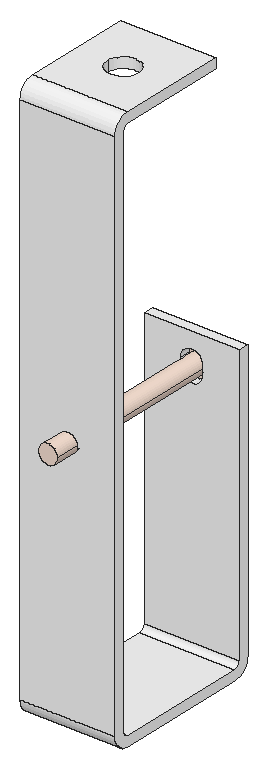
Revit family "lghanger_c75x45x15_innner", category 機械設備, Revit 2022
Family settings
  丸型コネクタ寸法 = 直径を使用
  種別 = なし
  パーツ タイプ = 標準
  作業面ベース = いいえ
  常に垂直 = はい
  ロード時にボイドで切り取り = いいえ
  注釈の向きを維持 = いいえ
  共有 = いいえ
  部屋計算ポイント = いいえ
Parameters
  製造元 = "株式会社桐井製作所"
  既定の高さ = 0 mm
  URL = "https://www.kirii.co.jp/"
  K_材質 = "SGHC　一般用"
  K_品名 = "75×45×15LGハンガー(内折れ)"
  K_名称 = "その他ハンガー"
  K_入数 = "100"
  K_バージョン情報 = "20211012"
  K_めっき付着量 = "Z12"
  K_JIS規格 = "JIS G 3302"
Reference planes
  plane 1 "中心(正面/背面)": y = 0
  plane 2: z = 0
  plane 3 "中心(左/右)": x = 0
  plane 4: x = 15
  plane 5: x = -15
Forms (mm)
  Extrusion 1, solid
    sketch origin (0, 0, 0) x (0, 1, 0) y (0, 0, 1)
      loop
        line (0, 1.8) -> (0, 171.8)
        arc (0, 171.8) -> (0.527, 173.073) -> (1.8, 173.6) r 1.8
        line (1.8, 173.6) -> (36.8, 173.6) -> (36.8, 176.8) -> (1.8, 176.8)
        arc (1.8, 176.8) -> (-1.736, 175.336) -> (-3.2, 171.8) r 5
        line (-3.2, 171.8) -> (-3.2, 1.8)
        arc (-3.2, 1.8) -> (-1.736, -1.736) -> (1.8, -3.2) r 5
        line (1.8, -3.2) -> (44.2, -3.2)
        arc (44.2, -3.2) -> (47.736, -1.736) -> (49.2, 1.8) r 5
        line (49.2, 1.8) -> (49.2, 89.8) -> (46, 89.8) -> (46, 1.8)
        arc (46, 1.8) -> (45.473, 0.527) -> (44.2, 0) r 1.8
        line (44.2, 0) -> (1.8, 0)
        arc (1.8, 0) -> (0.527, 0.527) -> (0, 1.8) r 1.8
    from -15 to 15
  Extrusion 2, void
    sketch origin (0, 0, 0) x (1, 0, 0) y (0, 0, 1)
      loop
        circle (0, 79.96) r 3
    from 0 to 3.2
  Extrusion 3, void
    sketch origin (0, 15, 15) x (1, 0, 0) y (0, 0, 1)
      loop
        arc (3.5, 66.5) -> (0, 70) -> (-3.5, 66.5) r 3.5
        line (-3.5, 66.5) -> (-3.5, 63.5)
        arc (-3.5, 63.5) -> (0, 60) -> (3.5, 63.5) r 3.5
        line (3.5, 63.5) -> (3.5, 66.5)
    from -34.2 to -31
  Extrusion 4, void
    sketch origin (0, 40.819, 0) x (1, 0, 0) y (0, 1, 0)
      loop
        circle (0, -22.019) r 5
    from 173.6 to 176.8
Cuts and joins
  Extrusion 2, Extrusion 3, Extrusion 4 cuts Extrusion 1
Dimensions and locks
  aligned and locked: level to plane 2
Nested families
  nested 1: "M6×60ボルト" at (-0.011, 49.2, 80.16) x (-1, 0, 0) z (0, 0, 1), type "M6×60ボルト"
Definition of nested family "M6×60ボルト"
  Parameters (values of type "M6×60ボルト")
    Manufacturer = "株式会社桐井製作所"
    Default Elevation = 0 mm
    URL = "https://www.kirii.co.jp/"
    K_名称 = "M6×60ボルト"
  Reference planes
    plane 1 "中心(正面/背面)": y = 0
    plane 2: z = 0
    plane 3 "中心(左/右)": x = 0
    plane 4 "正面": y = -4
  Forms (mm)
    Extrusion 1, solid
      sketch origin (0, 0, 0) x (1, 0, 0) y (0, 0, 1)
        loop
          line (-4.763, -2.946) -> (0, -5.696) -> (4.763, -2.946) -> (4.763, 2.554) -> (0, 5.304) -> (-4.763, 2.554) -> (-4.763, -2.946)
      from 0 to 4
    Extrusion 2, void
      sketch origin (0, -4, 0) x (-1, 0, 0) y (0, 0, 1)
        loop
          circle (0, -0.156) r 4.396
      from 0 to 1
    Extrusion 3, void
      sketch origin (0, -4, 0) x (-1, 0, 0) y (0, 0, 1)
        loop
          arc (-0.6, 1.814) -> (-1.069, 0.856) -> (-2.036, 0.404) r 1.605
          line (-2.036, 0.404) -> (-2.939, 0.404)
          arc (-2.939, 0.404) -> (-3, -0.195) -> (-2.94, -0.795) r 3
          line (-2.94, -0.795) -> (-2.049, -0.795)
          arc (-2.049, -0.795) -> (-1.074, -1.243) -> (-0.6, -2.206) r 1.605
          line (-0.6, -2.206) -> (-0.6, -3.135)
          arc (-0.6, -3.135) -> (0, -3.196) -> (0.6, -3.135) r 3
          line (0.6, -3.135) -> (0.6, -2.206)
          arc (0.6, -2.206) -> (1.074, -1.243) -> (2.049, -0.795) r 1.605
          line (2.049, -0.795) -> (2.94, -0.795)
          arc (2.94, -0.795) -> (3, -0.198) -> (2.941, 0.398) r 3
          line (2.941, 0.398) -> (2.117, 0.398)
          arc (2.117, 0.398) -> (1.098, 0.828) -> (0.6, 1.814) r 1.605
          line (0.6, 1.814) -> (0.6, 2.743)
          arc (0.6, 2.743) -> (0, 2.804) -> (-0.6, 2.743) r 3
          line (-0.6, 2.743) -> (-0.6, 1.814)
      from 0 to 2
    Extrusion 4, solid
      sketch origin (0, 0, 0) x (1, 0, 0) y (0, 0, 1)
        loop
          circle (-0.011, -0.2) r 3
      from 0 to -60
  Cuts and joins
    Extrusion 2, Extrusion 3 cuts Extrusion 1
    joined: Extrusion 1, Extrusion 4
  Dimensions and locks
    aligned and locked: level to plane 2
